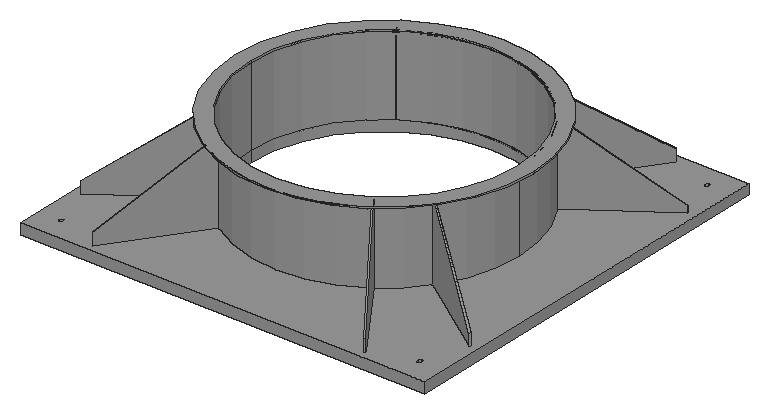
Revit family "ПК-ВО", category Арматура воздуховодов, Revit 2021
Family settings
  Размер круглого соединителя = Использовать диаметр
  Тип детали = Присоединяется
  На основе рабочей плоскости = Нет
  Всегда вертикально = Да
  При загрузке вырезать с полостями = Нет
  Общий = Нет
Parameters (values of type "ПК-ВО-1000")
  Ширина = Довжина  # 1510 mm
  Отметка по умолчанию = 0 mm
  Класифікація навантаження = "HVAC"
  Изготовитель = "Вентс"  # constant formula
  Діаметр = Dy  # 1000 mm
  Довжина = B  # 1510 mm
  Висота = H  # 340 mm
  Вага = 93.40 kg
  h = 40 mm
  URL = "https://vents.ua/ua/series/pk-vo"
  Матеріал зони обслуговуваня = none
  H = 340 mm
  Dy = 1000 mm
  D2 = 1115 mm
  Dn = Dy + 10 mm  # 1010 mm
  Матеріал корпусу = Метал, пофарбований, синій, матовий RAL 5007
  B = 1510 mm
  A = 1340 mm
  K = (B - Dn) / 2 + (0.1 * Dn) + 30 mm  # 381 mm
  k = Dn / 2  # 505 mm
  09_Назва системи [instance] = ""
  00_20_Тип = "ПК-ВО-1000"
  00_20_Назва = "Даховий перехідник"
  00_20_Виробник = "Вентс"  # constant formula
Types (12, lengths in mm): name | Ширина | Діаметр | Довжина | Висота | Вага | h | H | Dy | D2 | Dn | B | A | K | k | 00_20_Тип
  (no name) | 1510 | 1000 | 1510 | 340 | 93.40 kg | 40 | 340 | 1000 | 1115 | 1010 | 1510 | 1340 | 381 | 505 | "ПК-ВО-1000"
  ПК-ВО-400 | 701 | 400 | 701 | 170 | 17.50 kg | 20 | 170 | 400 | 490 | 410 | 701 | 580 | 216.5 | 205 | "ПК-ВО-400"
  ПК-ВО-450 | 701 | 450 | 701 | 170 | 16.50 kg | 20 | 170 | 450 | 540 | 460 | 701 | 580 | 196.5 | 230 | "ПК-ВО-450"
  ПК-ВО-1250 | 1700 | 1250 | 1700 | 340 | 107.00 kg | 40 | 340 | 1250 | 1400 | 1260 | 1700 | 1500 | 376 | 630 | "ПК-ВО-1250"
  ПК-ВО-1120 | 1510 | 1120 | 1510 | 340 | 91.30 kg | 40 | 340 | 1120 | 1270 | 1130 | 1510 | 1340 | 333 | 565 | "ПК-ВО-1120"
  ПК-ВО-500 | 770 | 500 | 770 | 170 | 20.30 kg | 20 | 170 | 500 | 600 | 510 | 770 | 640 | 211 | 255 | "ПК-ВО-500"
  ПК-ВО-560 | 920 | 560 | 920 | 170 | 27.20 kg | 20 | 170 | 560 | 660 | 570 | 920 | 750 | 262 | 285 | "ПК-ВО-560"
  ПК-ВО-630 | 920 | 630 | 920 | 170 | 25.50 kg | 20 | 170 | 630 | 730 | 640 | 920 | 750 | 234 | 320 | "ПК-ВО-630"
  ПК-ВО-710 | 1150 | 710 | 1150 | 290 | 53.00 kg | 40 | 290 | 710 | 810 | 720 | 1150 | 980 | 317 | 360 | "ПК-ВО-710"
  ПК-ВО-800 | 1150 | 800 | 1150 | 290 | 51.10 kg | 40 | 290 | 800 | 900 | 810 | 1150 | 980 | 281 | 405 | "ПК-ВО-800"
  ПК-ВО-900 | 1220 | 900 | 1220 | 290 | 54.50 kg | 40 | 290 | 900 | 1015 | 910 | 1220 | 1050 | 276 | 455 | "ПК-ВО-900"
  ПК-ВО-1000 | 1510 | 1000 | 1510 | 340 | 93.40 kg | 40 | 340 | 1000 | 1115 | 1010 | 1510 | 1340 | 381 | 505 | "ПК-ВО-1000"
Reference planes
  plane 1 "По центру (Вперед/Назад)": y = 0
  plane 2: z = 0
  plane 3 "По центру (Влево/Вправо)": x = 0
  plane 4: y = 755
  plane 5: y = -755
  plane 6: x = 755
  plane 7: x = -755
  plane 8: z = 340
  plane 9: x = -670
  plane 10: x = 670
  plane 11: y = -670
  plane 12: y = 670
  plane 13: x = -505
  plane 14: x = 505
  plane 15 "55": through (0, 0, 1200) normal (-0.5736, 0.8192, 0)
  plane 16 "325": through (0, 0, 165) normal (0.8192, 0.5736, 0)
  plane 17 "35": through (0, 0, 1200) normal (-0.8192, 0.5736, 0)
  plane 18 "305": through (0, 0, 20) normal (-0.5736, -0.8192, 0)
Forms (mm)
  Extrusion 1, solid, material "Метал, пофарбований, синій, матовий RAL 5007" <- "Матеріал корпусу"
    sketch origin (0, 0, 0) x (1, 0, 0) y (0, 1, 0)
      loop
        line (-755, 755) -> (-755, -755) -> (755, -755) -> (755, 755) -> (-755, 755)
      loop
        circle (0, 0) r 500
      loop
        circle (-670, 670) r 8.5
      loop
        circle (670, 670) r 8.5
      loop
        circle (670, -670) r 8.5
      loop
        circle (-670, -670) r 8.5
    from 0 to 40
  Extrusion 2, solid, material "Метал, пофарбований, синій, матовий RAL 5007" <- "Матеріал корпусу"
    sketch origin (0, 0, 0) x (1, 0, 0) y (0, 1, 0)
      loop
        circle (0, 0) r 505
      loop
        circle (0, 0) r 500
    from 40 <- "h" to 335
  Extrusion 3, solid, material "Метал, пофарбований, синій, матовий RAL 5007" <- "Матеріал корпусу"
    sketch origin (0, 0, 0) x (1, 0, 0) y (0, 1, 0)
      loop
        circle (0, 0) r 557.5
      loop
        circle (0, 0) r 500
    from 335 to 340
  Extrusion 4, solid, material "Метал, пофарбований, синій, матовий RAL 5007" <- "Матеріал корпусу"
    sketch origin (-2.196, -1.537, -14.136) x (-0.819152, -0.573576, 0) y (0, 0, 1)
      loop
        line (514.84, 349.136) -> (502.319, 349.136) -> (502.319, 54.136) -> (883.319, 54.136) -> (883.319, 97.085) -> (514.84, 349.136)
    from -2.5 to 2.5
  Extrusion 5, solid, material "Метал, пофарбований, синій, матовий RAL 5007" <- "Матеріал корпусу"
    sketch origin (2.196, 1.537, -14.136) x (0.819152, 0.573576, 0) y (0, 0, -1)
      loop
        line (514.84, -349.136) -> (883.319, -77.085) -> (883.319, -54.136) -> (502.319, -54.136) -> (502.319, -349.136) -> (514.84, -349.136)
    from -2.5 to 2.5
  Extrusion 6, solid, material "Метал, пофарбований, синій, матовий RAL 5007" <- "Матеріал корпусу"
    sketch origin (0, 0, 0) x (-0.573576, -0.819152, 0) y (0, 0, 1)
      loop
        line (-517.52, 335) -> (-886, 82.949) -> (-886, 40) -> (-505, 40) -> (-505, 335) -> (-517.52, 335)
    from -2.5 to 2.5
  Extrusion 7, solid, material "Метал, пофарбований, синій, матовий RAL 5007" <- "Матеріал корпусу"
    sketch origin (0, 0, 0) x (0.573576, 0.819152, 0) y (0, 0, -1)
      loop
        line (-517.52, -335) -> (-505, -335) -> (-505, -40) -> (-886, -40) -> (-886, -82.949) -> (-517.52, -335)
    from -2.5 to 2.5
  Extrusion 8, solid, material "Метал, пофарбований, синій, матовий RAL 5007" <- "Матеріал корпусу"
    sketch origin (0, 0, 0) x (0, 0, 1) y (0.573576, -0.819152, 0)
      loop
        line (335, 517.52) -> (82.949, 886) -> (40, 886) -> (40, 505) -> (335, 505) -> (335, 517.52)
      loop
        line (335, -517.52) -> (335, -505) -> (40, -505) -> (40, -886) -> (82.949, -886) -> (335, -517.52)
    from -2.5 to 2.5
  Extrusion 9, solid, material "Метал, пофарбований, синій, матовий RAL 5007" <- "Матеріал корпусу"
    sketch origin (0, 0, 0) x (0, 0, -1) y (0.819152, -0.573576, 0)
      loop
        line (-335, 517.52) -> (-335, 505) -> (-40, 505) -> (-40, 886) -> (-82.949, 886) -> (-335, 517.52)
      loop
        line (-335, -517.52) -> (-82.949, -886) -> (-40, -886) -> (-40, -505) -> (-335, -505) -> (-335, -517.52)
    from -2.5 to 2.5
Dimensions and locks
  equal spacing: plane 7, plane 3 "По центру (Влево/Вправо)", plane 6
  equal spacing: plane 4, plane 1 "По центру (Вперед/Назад)", plane 5
  "B": plane 7 to plane 6
  "B": plane 4 to plane 5
  "h": level to Extrusion 1
  "H": level to plane 8
  locked: Extrusion 3 to plane 8 at 5
  equal spacing: plane 9, plane 3 "По центру (Влево/Вправо)", plane 10
  "A": plane 9 to plane 10
  equal spacing: plane 12, plane 1 "По центру (Вперед/Назад)", plane 11
  "A": plane 12 to plane 11
  equal spacing: plane 13, plane 3 "По центру (Влево/Вправо)", plane 14
  "Dn": plane 13 to plane 14
  "k": Extrusion 4 sketch curve to plane 16 "325"
  "k": plane 16 "325" to Extrusion 5 sketch curve
  "k": plane 18 "305" to Extrusion 6 sketch curve
  "K": Extrusion 6 sketch curve to Extrusion 6 sketch curve
  "K": Extrusion 5 sketch curve to Extrusion 5 sketch curve
  "K": Extrusion 4 sketch curve to Extrusion 4 sketch curve
  "K": Extrusion 7 sketch curve to Extrusion 7 sketch curve
  "k": Extrusion 7 sketch curve to plane 18 "305"
  "k": plane 15 "55" to Extrusion 8 sketch curve
  "K": Extrusion 8 sketch curve to Extrusion 8 sketch curve  (x2)
  "k": Extrusion 8 sketch curve to plane 15 "55"
  "K": Extrusion 9 sketch curve to Extrusion 9 sketch curve  (x2)
  "k": Extrusion 9 sketch curve to plane 17 "35"
  "k": plane 17 "35" to Extrusion 9 sketch curve
  "Dy": diameter of Extrusion 1 sketch curve
  "Dn": diameter of Extrusion 2 sketch curve
  "Dy": diameter of Extrusion 2 sketch curve
  "Dy": diameter of Extrusion 3 sketch curve
  "D2": diameter of Extrusion 3 sketch curve
  aligned and locked: level to plane 2
  aligned and locked: Extrusion 1 sketch curve to plane 4
  aligned and locked: plane 7 to Extrusion 1 sketch curve
  aligned and locked: plane 5 to Extrusion 1 sketch curve
  aligned and locked: Extrusion 1 sketch curve to plane 6
  aligned and locked: plane 8 to Extrusion 3
  aligned and locked: Extrusion 2 to Extrusion 3
  aligned and locked: Extrusion 4 sketch curve to Extrusion 1
  aligned and locked: Extrusion 4 sketch curve to Extrusion 3
  aligned and locked: Extrusion 1 to Extrusion 6 sketch curve
  aligned and locked: Extrusion 3 to Extrusion 6 sketch curve
  aligned and locked: Extrusion 1 to Extrusion 5 sketch curve
  aligned and locked: Extrusion 3 to Extrusion 5 sketch curve
  aligned and locked: Extrusion 7 sketch curve to Extrusion 1
  aligned and locked: Extrusion 7 sketch curve to Extrusion 3
  aligned and locked: Extrusion 3 to Extrusion 8 sketch curve
  aligned and locked: Extrusion 1 to Extrusion 8 sketch curve
  aligned and locked: Extrusion 8 sketch curve to Extrusion 1
  aligned and locked: Extrusion 8 sketch curve to Extrusion 3
  aligned and locked: Extrusion 9 sketch curve to Extrusion 3
  aligned and locked: Extrusion 9 sketch curve to Extrusion 1
  aligned and locked: Extrusion 3 to Extrusion 9 sketch curve
  aligned and locked: Extrusion 1 to Extrusion 9 sketch curve
Automatic sketch dimensions
  Extrusion 1 sketch curve to plane 9 = 0 mm  (x2)
  plane 1 "По центру (Вперед/Назад)" to Extrusion 1 sketch curve = 0 mm
  Extrusion 1 sketch curve to plane 3 "По центру (Влево/Вправо)" = 0 mm
  Extrusion 1 sketch curve to plane 10 = 0 mm  (x2)
  Extrusion 1 sketch curve to plane 11 = 0 mm  (x2)
  Extrusion 1 sketch curve to plane 12 = 0 mm  (x2)
  Extrusion 2 sketch curve to Extrusion 2 sketch curve = 0 mm  (x2)
  plane 1 "По центру (Вперед/Назад)" to Extrusion 2 sketch curve = 0 mm
  Extrusion 2 sketch curve to plane 3 "По центру (Влево/Вправо)" = 0 mm
  Extrusion 3 sketch curve to Extrusion 3 sketch curve = 0 mm  (x2)
  plane 1 "По центру (Вперед/Назад)" to Extrusion 3 sketch curve = 0 mm
  Extrusion 3 sketch curve to plane 3 "По центру (Влево/Вправо)" = 0 mm
  Extrusion 4 sketch curve to Extrusion 4 sketch curve = 12.52 mm
  Extrusion 4 sketch curve to Extrusion 4 sketch curve = 42.949 mm
  Extrusion 5 sketch curve to Extrusion 5 sketch curve = 12.52 mm
  Extrusion 5 sketch curve to Extrusion 5 sketch curve = 22.949 mm
  Extrusion 6 sketch curve to Extrusion 6 sketch curve = 12.52 mm
  Extrusion 6 sketch curve to Extrusion 6 sketch curve = 42.949 mm
  Extrusion 7 sketch curve to Extrusion 7 sketch curve = 12.52 mm
  Extrusion 7 sketch curve to Extrusion 7 sketch curve = 42.949 mm
  Extrusion 8 sketch curve to Extrusion 8 sketch curve = 42.949 mm  (x2)
  Extrusion 8 sketch curve to Extrusion 8 sketch curve = 12.52 mm  (x2)
  Extrusion 9 sketch curve to Extrusion 9 sketch curve = 42.949 mm  (x2)
  Extrusion 9 sketch curve to Extrusion 9 sketch curve = 12.52 mm  (x2)
  radius of Extrusion 1 sketch curve = 8.5 mm  (x4)
